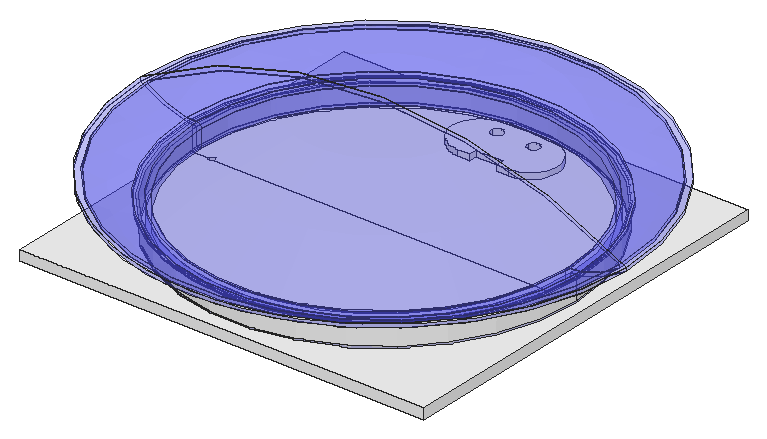
Revit family "BE_51240_de_DE", category Leuchten, Revit 2020
Family settings
  Basisbauteil = Fläche
  Bemaßung runder Anschluss = Durchmesser verwenden
  Teiletyp = Normal
  Beim Laden mit Abzugskörper schneiden = Ja
  Lichtquelle = Ja
  Gemeinsam genutzt = Nein
  Raumberechnungspunkt = Ja
Parameters (values of type "BEGA_51240_K3")
  built-in parameter 1150104 = 14.034 (stored number, unit not read)
  Wattage = 42.6 W
  Default Elevation = 0 mm
  built-in parameter 1150113 = 1 (stored number, unit not read)
  built-in parameter 1114218 = 1 (stored number, unit not read)
  Umgebungstemperatur = "25 °C"
  URL = "https://www.bega.com/de/produkt/51240"
  Typenkommentare = "© 2023 BEGA. Wir behalten uns das Recht vor, technische Änderungen ohne vorherige Ankündigung vorzunehmen."  # constant formula
  built-in parameter 1150134 = (empty or 0)
  built-in parameter 1150109 = 1 (stored number, unit not read)
  Strom = ""
  built-in parameter 1150110 = 1 (stored number, unit not read)
  Spannung = 230 V
  Sonderanfertigung = no
  Seriennummer [instance] = "Hier können Sie die eindeutige Seriennummer für das Facility Management eintragen."
  Schutzklasse = "I"
  Schutzart = "IP 20"
  Scheinlast = 0 VA
  Produktdatenblatt = "https://cdn.bega.com/bega/products/51240K27/current/documents/data-sheets/de"
  Oberflächentemperatur = ""
  Neigungswinkel = 0.00°
  Modell = "51240K3"
  Material_34 = BEGA_Oberfläche_Samtweiss_matt
  Material_11 = BEGA_Glas_opal
  M_W = no
  M_G = no
  M_A = no
  Logo = 0
  built-in parameter 1114217 = 1 (stored number, unit not read)
  built-in parameter 1150139 = (empty or 0)
  built-in parameter 1150105 = 6435.2 (stored number, unit not read)
  built-in parameter 1150114 = 1 (stored number, unit not read)
  Lumens = 6435.16 lm
  built-in parameter 1150115 = 1 (stored number, unit not read)
  Leuchtenlichtstrom = "4751 lm"
  Leuchtenanzahl = ""
  Lebensdauerkriterien = "L70B50 @ 25 °C = 200000 h"
  Lastklassifizierung = Beleuchtung
  built-in parameter 1150112 = 1 (stored number, unit not read)
  Lampenlichtstrom = "6435 lm"
  Lampe = "LED 42.6 W"
  LED_Modulbezeichnung = "LED-0630/930"
  Hersteller = "BEGA"  # constant formula
  Halbstreuwinkel = ""
  Gewicht = "4.8 kg"
  Gebrauchslageneinschränkung [instance] = ""
  Frequenz = "50 Hz"
  Farbwiedergabeindex = "CRI > 90"
  Farbtemperaturverschiebung bei Dämpfen der Lampe = <Keine Auswahl>
  Farbtemperatur = "3000 K"
  Color Filter = 16777215
  built-in parameter 1150133 = 10 (stored number, unit not read)
  Energieeffizienzklasse = "LED A++ - A"
  built-in parameter 1150137 = (empty or 0)
  built-in parameter 1150132 = (empty or 0)
  ENEC = ""
  Dimmbar [instance] = ""
  Datei für fotometrisches Netz = "BE_51240K3.ies"
  CE_Konformität = "ja"
  Bestellnummer = "51240K3"
  Beschreibung_Sonderanfertigung = "Hier können Sie Informationen zur Sonderanfertigung eintragen."
  Beschreibung = "Decken- und Wandleuchte"
  built-in parameter 1150106 = 64.352 (stored number, unit not read)
  Befestigungsbohrung = "Ø 6 mm"
  Befestigungsabstand = "340 mm"
  Ballwurfsicher = ""
  BEGA_Intern_aus = yes
  BEGA_Intern_an = yes
  BEGA_Intern_Konstruktion = yes
  BEGA_Intern = yes
  BEGA_IES = yes
  BEGA_Dummy = no
  Anschlussleitung = ""
  Anschlussleistung [instance] = "48.8 W"
  Anschlusskasten = ""
  built-in parameter 1150107 = 3000 (stored number, unit not read)
  built-in parameter 1150102 = (empty or 0)
  built-in parameter 1150138 = (empty or 0)
  Aktualisierung = "2023-01-24T04:00:04"
  Abstand_zur_angestrahlten_Fläche [instance] = ""
  AC/DC = "AC"
Types (2, lengths in mm): name | built-in parameter 1150104 | Modell | built-in parameter 1150105 | Lumens | Leuchtenlichtstrom | Lampenlichtstrom | LED_Modulbezeichnung | Farbtemperatur | Datei für fotometrisches Netz | Bestellnummer | built-in parameter 1150106 | built-in parameter 1150107
  BEGA_51240_K27 | 13.576 (stored number, unit not read) | "51240K27" | 495.38 (stored number, unit not read) | 6225.14 lm | "4595 lm" | "6225 lm" | "LED-0630/927" | "2700 K" | "BE_51240K27.ies" | "51240K27" | 4.9538 (stored number, unit not read) | 2700 (stored number, unit not read)
  BEGA_51240_K3 | 14.034 (stored number, unit not read) | "51240K3" | 6435.2 (stored number, unit not read) | 6435.16 lm | "4751 lm" | "6435 lm" | "LED-0630/930" | "3000 K" | "BE_51240K3.ies" | "51240K3" | 64.352 (stored number, unit not read) | 3000 (stored number, unit not read)
Reference planes
  plane 1 "Mitte (Vorne/Hinten)": y = 0
  plane 2: z = 0
  plane 3 "Mitte (Links/Rechts)": x = 0
  plane 4 "Links": x = -240
  plane 5 "Rechts": x = 240
  plane 6 "Unten": y = -240
  plane 7 "Oben": y = 240
  plane 8 "Vorne": z = 116.8
  plane 9 "Hinten": z = 0
Forms (mm)
  Extrusion 1, solid, material "BEGA_Platte_Weiss"
    sketch origin (0, -1119.2, 0) x (1, 0, 0) y (0, 1, 0)
      loop
        line (-200, 1319.2) -> (-200, 919.2) -> (200, 919.2) -> (200, 1319.2) -> (-200, 1319.2)
    from 0 to -10
  Extrusion 2, solid, material "BEGA_Dummy_matt", visible <- "BEGA_Dummy"
    sketch origin (77.149, -76.023, 0) x (1, 0, 0) y (0, 1, 0)
      loop
        circle (-77.149, 76.023) r 240
    from 0 to 116.8
Dimensions and locks
  plane 1 "Mitte (Vorne/Hinten)" to Extrusion 1 = 200 mm
  aligned and locked: plane 2 to Extrusion 1
  aligned and locked: level to Extrusion 1
  aligned and locked: plane 8 "Vorne" to Extrusion 2
Nested families
  nested 1: "BE_51240_Leuchte" at (0, 0, 0), type "BE_51240_Leuchte"
Connectors
  electrical at (0, 0, 0), driven by "Lastklassifizierung", driven by "Spannung", driven by "Scheinlast"
    settings: index 1, voltage 230 V, apparent load 0 VA, apparent load phase1 0 VA, apparent load phase2 0 VA, apparent load phase3 0 VA, power factor 1, load classification "Beleuchtung", number of poles 1, system type 31, power factor state 1, is connector primary yes, connector utility no, sub classification motor no, connector description ""
Definition of nested family "BE_51240_Leuchte"
  Parameters (values of type "BE_51234_Leuchte")
    Default Elevation = 1 mm
    URL = "http://www.bega.de/de/produkt"
    Type Comments = "© 2015 BEGA. Wir behalten uns das Recht vor, technische Änderungen ohne vorherige Ankündigung vorzunehmen. "  # constant formula
    Type Image = (empty or 0)
    Material_34 = none
    Material_11 = none
    Länge_Platte = 200 mm  # constant formula
    Höhe_Platte = -10 mm  # constant formula
    Manufacturer = "BEGA"  # constant formula
    Breite_Platte = 200 mm  # constant formula
  Reference planes
    plane 1 "Mitte (Oben/Unten)": y = 0
    plane 2: z = 0
    plane 3 "Mitte (Links/Rechts)": x = 0
    plane 4: z = 0
    plane 5: z = 116.8
    plane 6: x = -240
    plane 7: x = 240
    plane 8: y = 240
    plane 9: y = -240
  Forms (mm)
    Extrusion 1, solid, detail levels medium
      sketch origin (0, 0, 0) x (1, 0, 0) y (0, 1, 0)
        loop
          line (-100, 100) -> (-100, -100) -> (100, -100) -> (100, 100) -> (-100, 100)
      from 0 to -10 <- "Höhe_Platte"
    Revolve 2, solid, material <- "Material_34"
      sketch origin (0, 0, 0) x (1, 0, 0) y (0, 0, 1)
        loop
          line (194, 26.8) -> (191.844, 26.8)
          arc (191.844, 26.8) -> (190.576, 26.284) -> (190.038, 25.025) r 1.8
          line (190.038, 25.025) -> (189.667, 3.783)
          arc (189.667, 3.783) -> (189.368, 3.087) -> (188.667, 2.8) r 1
          line (188.667, 2.8) -> (0, 2.8) -> (0, 1.8) -> (188.667, 1.8)
          arc (188.667, 1.8) -> (190.069, 2.373) -> (190.667, 3.765) r 2
          line (190.667, 3.765) -> (191.038, 25.009)
          arc (191.038, 25.009) -> (191.277, 25.571) -> (191.842, 25.8) r 0.8
          line (191.842, 25.8) -> (194, 25.8) -> (194, 26.8)
        axis (0, 1.8) -> (0, 26.8)
      angle from 0 to 360
    Extrusion 3, solid, material <- "Material_34"
      sketch origin (0, 0, 0) x (1, 0, 0) y (0, 1, 0)
        loop
          circle (-170, 0) r 7.599
        loop
          circle (170, 0) r 7.599
      from 0 to 1.809
    Extrusion 4, void
      sketch origin (0, 0, 0) x (1, 0, 0) y (0, 1, 0)
        loop
          circle (-170, 0) r 3
        loop
          circle (170, 0) r 3
      from 0 to 2.8
    Extrusion 5, solid, material <- "Material_34"
      sketch origin (0, 0, 0) x (1, 0, 0) y (0, 1, 0)
        loop
          arc (29.435, 176.61) -> (0, 179.046) -> (-29.435, 176.61) r 179.046
          arc (-29.435, 176.61) -> (-51.885, 147.775) -> (-25, 123.023) r 26.977
          line (-25, 123.023) -> (-13.155, 123.023) -> (-13.155, 130.551) -> (13.155, 130.551) -> (13.155, 123.023) -> (25, 123.023)
          arc (25, 123.023) -> (51.885, 147.775) -> (29.435, 176.61) r 26.977
      from 2.8 to 8.3
    Extrusion 6, void
      sketch origin (0, 0, 0) x (1, 0, 0) y (0, 1, 0)
        loop
          circle (-18, 163) r 6
        loop
          circle (18, 163) r 6
      from 0 to 8.3
    Revolve 7, solid, material <- "Material_11"
      sketch origin (0, 0, 0) x (1, 0, 0) y (0, 0, 1)
        loop
          line (0, 116.9) -> (0, 112.9)
          arc (0, 112.9) -> (120.58, 97.029) -> (232.947, 50.498) r 465.999
          arc (232.947, 50.498) -> (233.915, 48.813) -> (232.995, 47.101) r 2
          arc (232.995, 47.101) -> (214.426, 37.351) -> (194.452, 30.953) r 121.001
          line (194.452, 30.953) -> (184.49, 30.431)
          arc (184.49, 30.431) -> (181.368, 29.57) -> (180.007, 26.631) r 3.853
          line (180.007, 26.631) -> (180.007, 8.9) -> (184.7, 8.9) -> (184.7, 26.437) -> (195, 26.977)
          arc (195, 26.977) -> (218.496, 34.752) -> (240, 47.004) r 125.001
          line (240, 47.004) -> (240, 51.004)
          arc (240, 51.004) -> (124.441, 100.127) -> (0, 116.9) r 469.999
        axis (0, 8.9) -> (0, 116.9)
      angle from 0 to 360
  Cuts and joins
    Extrusion 4, Extrusion 6 cuts Revolve 2
    Extrusion 4, Extrusion 6 cuts Extrusion 3
    Extrusion 6 cuts Extrusion 5
    joined: Revolve 2, Extrusion 3, Extrusion 5
  Dimensions and locks
    equal spacing: Extrusion 1 sketch curve, plane 3 "Mitte (Links/Rechts)", Extrusion 1 sketch curve
    equal spacing: Extrusion 1 sketch curve, plane 1 "Mitte (Oben/Unten)", Extrusion 1 sketch curve
    "Länge_Platte": Extrusion 1 sketch curve to Extrusion 1 sketch curve
    "Breite_Platte": Extrusion 1 sketch curve to Extrusion 1 sketch curve
    plane 1 "Mitte (Oben/Unten)" to Extrusion 1 = 100 mm  (x3)
    aligned and locked: plane 2 to Extrusion 1
    aligned and locked: level to Extrusion 1
  Automatic sketch dimensions
    level to Revolve 2 sketch curve = 26.8 mm
    Revolve 2 sketch curve to Revolve 2 sketch curve = 2.156 mm
    Revolve 2 sketch curve to Revolve 2 sketch curve = 1 mm  (x5)
    Revolve 2 sketch curve to Revolve 2 sketch curve = 0.002 mm
    Revolve 2 sketch curve to Revolve 2 sketch curve = 0.004 mm
    Revolve 2 sketch curve to Revolve 2 sketch curve = 0.8 mm  (x2)
    Revolve 2 sketch curve to Revolve 2 sketch curve = 0 mm  (x10)
    level to Revolve 2 sketch curve = 3.783 mm
    Revolve 2 sketch curve to Revolve 2 sketch curve = 0.371 mm
    level to Revolve 2 sketch curve = 3.765 mm
    Revolve 2 sketch curve to Revolve 2 sketch curve = 0.017 mm
    Revolve 2 sketch curve to plane 3 "Mitte (Links/Rechts)" = 0 mm
    level to Revolve 2 sketch curve = 1.8 mm
    Revolve 2 sketch curve to Revolve 2 sketch curve = 188.667 mm
    plane 1 "Mitte (Oben/Unten)" to Extrusion 5 sketch curve = 0 mm
    Extrusion 5 sketch curve to plane 3 "Mitte (Links/Rechts)" = 0 mm
    Extrusion 5 sketch curve to plane 3 "Mitte (Links/Rechts)" = 25 mm  (x2)
    Extrusion 5 sketch curve to plane 1 "Mitte (Oben/Unten)" = 150 mm
    Extrusion 5 sketch curve to Extrusion 5 sketch curve = 4.435 mm
    Extrusion 5 sketch curve to Extrusion 5 sketch curve = 0 mm  (x6)
    plane 3 "Mitte (Links/Rechts)" to Extrusion 5 sketch curve = 25 mm
    Extrusion 5 sketch curve to Extrusion 5 sketch curve = 11.845 mm  (x2)
    plane 3 "Mitte (Links/Rechts)" to Extrusion 5 sketch curve = 13.155 mm
    Extrusion 5 sketch curve to Extrusion 5 sketch curve = 7.528 mm  (x2)
    Revolve 7 sketch curve to plane 3 "Mitte (Links/Rechts)" = 0 mm  (x2)
    plane 3 "Mitte (Links/Rechts)" to Revolve 7 sketch curve = 0 mm
    plane 3 "Mitte (Links/Rechts)" to Revolve 7 sketch curve = 167.671 mm
    Revolve 7 sketch curve to Revolve 7 sketch curve = 0 mm  (x4)
    level to Revolve 7 sketch curve = 8.9 mm
    Revolve 7 sketch curve to Revolve 7 sketch curve = 12.336 mm
    Revolve 7 sketch curve to Revolve 7 sketch curve = 3.853 mm
    Revolve 7 sketch curve to Revolve 7 sketch curve = 4.693 mm
    level to Revolve 7 sketch curve = 30.953 mm
    Revolve 7 sketch curve to Revolve 7 sketch curve = 9.752 mm
    level to Revolve 7 sketch curve = 26.977 mm
    Revolve 7 sketch curve to Revolve 7 sketch curve = 0.549 mm
    Revolve 7 sketch curve to Revolve 7 sketch curve = 37.464 mm
    Revolve 7 sketch curve to Revolve 7 sketch curve = 8.084 mm
    Revolve 7 sketch curve to level = 353.099 mm
    Revolve 7 sketch curve to Revolve 7 sketch curve = 0.54 mm
    Revolve 7 sketch curve to Revolve 7 sketch curve = 0.194 mm
    level to Revolve 7 sketch curve = 47.004 mm
    Revolve 7 sketch curve to Revolve 7 sketch curve = 1.781 mm
    Revolve 7 sketch curve to Revolve 7 sketch curve = 4 mm
    level to Revolve 7 sketch curve = 112.9 mm
    Revolve 7 sketch curve to Revolve 7 sketch curve = 0.631 mm
    Revolve 7 sketch curve to Revolve 7 sketch curve = 1.032 mm
    Revolve 7 sketch curve to Revolve 7 sketch curve = 1.08 mm
